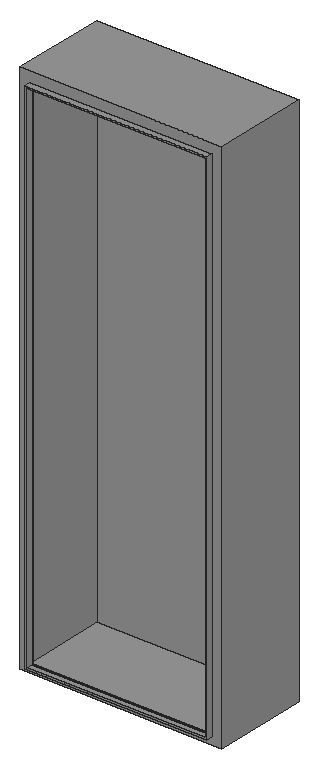
Revit family "Hager-Univers-IP30-D160-1x5rows-Cl.II-FWQ_encl_QS-NoHosted-NL-en", category Equipement électrique, Revit 2020
Family settings
  Configuration du panneau = Deux colonnes, circuits au sein
  Cote de connecteur circulaire = Utiliser le diamètre
  Type d'élément = Tableau de raccordement
  Basée sur le plan de construction = Oui
  Toujours verticalement = Oui
  Couper avec des vides une fois chargée = Non
  Partagée = Non
  Point de calcul de pièce = Non
Parameters (values of type "Surface mounted (plaster) IP30 W300 H800 D160  - FWQ51D1")
  Width Control [instance] = if([EF000008 - Width] > Min Width, [EF000008 - Width], Min Width)  # 300 mm
  Commentaires du type = [HG000003 - Range]  # "Univers"
  Thickness Door [instance] = if([EF009171 - Material plate thickness door/cover] > 3 mm, 3 mm, [EF009171 - Material plate thickness door/cover])  # 2 mm
  Seal Frame Offset [instance] = 17 mm  # constant formula
  Plinth Visibility [instance] = [HG000027 - Plinth height] > 0 mm  # no
  Min Width [instance] = 100 mm  # constant formula
  Min Depth [instance] = (2 * [EF009170 - Material plate thickness cabinet]) + 1 mm  # 5 mm
  Min Height [instance] = 100 mm  # constant formula
  Internal Frame Depth [instance] = (Door System Depth * 0.5)  # 9 mm
  Panel Name [instance] = ""  # (empty or 0)
  Model = ""
  HG000027 - Plinth height = 0 mm
  HG000026 - Floor standing = no
  HG000024 - Bottom section height = 600 mm
  HG000023 - Double section enclosure = no
  HG000016 - Door 3d visibility [instance] = yes
  HG000015 - Clearance visibility [instance] = no
  HG000014 - Door on the right [instance] = yes
  HG000013 - Door on the left [instance] = not([HG000014 - Door on the right])  # no
  HG000012 - Door swing angle [instance] = 30.00°
  HG000010 - Asymmetric doors = no
  HG000009 - Double swing door = no
  HG000006 - Flush mounted = no
  HG000004 - Manufacturer reference = "FWQ51D1"
  HG000003 - Range = "Univers"
  HG000002 - With door or cover = no
  Frame Offset Bottom [instance] = 10 mm  # constant formula
  Frame Offset [instance] = 15 mm  # constant formula
  EF015940 - Cover with overpressure release = no
  EF011959 - Degree of protection (NEMA) = ""
  EF009554 - Number of openings for flange plates = 2
  EF009212 - Cover model = "EV009916 - With notch"
  EF009171 - Material plate thickness door/cover = 2 mm
  EF009170 - Material plate thickness cabinet = 2 mm
  EF008873 - Nominal current (In) = 125 A
  EF007800 - Suitable for lightning protection = no
  EF006306 - With lock = no
  EF006244 - Transparent cover/door = no
  EF005474 - Degree of protection (IP) = "EV006410 - IP30"
  EF004464 - Type of door = "EV002646 - Single"
  EF004427 - Number of modules = 60
  EF004293 - Impact strength = ""
  EF003532 - Suitable for outdoor use = no
  EF002950 - Width in number of modular spacings = 12
  EF001613 - Circuit integrity = "EV000494 - None"
  EF001596 - Material housing = "EV000179 - Steel"
  EF001131 - Internal depth = 160 mm
  EF001088 - Extension possible = yes
  EF000437 - Number of conduit inlets = 4
  EF000339 - Type of cover = "EV001012 - Cover"
  EF000266 - Number of rows = 5
  EF000218 - Built-in depth = 0 mm
  EF000118 - With mounting plate = yes
  EF000116 - RAL-number = "9010"
  EF000049 - Depth = 160 mm
  EF000040 - Height = 800 mm
  EF000008 - Width = 300 mm
  EF000007 - Colour = "EV000202 - White"
  EF000003 - Mounting method = "EV000384 - Surface mounted (plaster)"
  Door System Leaf Tolerance [instance] = 1.5 mm  # constant formula
  Door System Depth [instance] = 18 mm  # constant formula
  Door Height [instance] = Height Control - [HG000027 - Plinth height]  # 800 mm
  Description = ""
  Default Elevation = 1219.2 mm
  Connector Offset [instance] = Height Control / 2  # 400 mm
  Fabricant = "Hager"  # constant formula
  Height Control [instance] = if([EF000040 - Height] > Min Height, [EF000040 - Height], Min Height)  # 800 mm
  Depth Control [instance] = if([EF000049 - Depth] > Min Depth, [EF000049 - Depth], Min Depth)  # 160 mm
  Bottom Top Plate Trim [instance] = 1.5 mm  # constant formula
  Plinth height Ctrl [instance] = if([HG000027 - Plinth height] > 0 mm, [HG000027 - Plinth height], 12 mm)  # 12 mm
Reference planes
  plane 1 "Center (Front/Back)": y = 0
  plane 2: z = 0
  plane 3 "Center (Left/Right)": x = 0
  plane 4: y = 0
  plane 5: y = 0
  plane 6: z = 0
  plane 7: x = -150
  plane 8: x = 150
  plane 9: x = 148
  plane 10: x = -148
  plane 11: z = 0
  plane 12: z = 2
  plane 13: y = -160
  plane 14: y = -2
  plane 15: x = 0
  plane 16: y = -142
  plane 17: y = -158
  plane 18: y = -140
  plane 19: x = -133
  plane 20: x = 133
  plane 21: z = 12
  plane 22: x = -133
  plane 23: x = 133
  plane 24: z = 0
  plane 25: z = 800
  plane 26: z = 800
  plane 27: z = 783
  plane 28: z = 798
Forms (mm)
  Extrusion 1, solid, material "Hager_Steel_RAL7035_Light_Grey", detail levels medium+fine
    sketch origin (-208.679, -4572, 0) x (-1, 0, 0) y (0, -1, 0)
      loop
        line (-58.679, -4430) -> (-358.679, -4430) -> (-358.679, -4572) -> (-58.679, -4572) -> (-58.679, -4430)
    from 0 to 800
  Extrusion 2, void
    sketch origin (-350.771, -160, 1219.2) x (1, 0, 0) y (0, 0, 1)
      loop
        line (202.771, -421.2) -> (202.771, -1217.2) -> (498.771, -1217.2) -> (498.771, -421.2) -> (202.771, -421.2)
    from -20 to -158
  Extrusion 3, void
    sketch origin (-290.084, -142, 1219.2) x (1, 0, 0) y (0, 0, 1)
      loop
        line (157.084, -1207.2) -> (423.084, -1207.2) -> (423.084, -436.2) -> (157.084, -436.2) -> (157.084, -1207.2)
    from 0 to -2
  Extrusion 4, solid, material "Hager_Steel_RAL7035_Light_Grey", visible <- "Plinth Visibility", detail levels medium+fine
    sketch origin (0, 0, 0) x (1, 0, 0) y (0, 1, 0)
      loop
        line (-150, 0) -> (-150, -142) -> (150, -142) -> (150, 0) -> (-150, 0)
    from 0 to 12 <- "Plinth height Ctrl"
  Extrusion 5, solid, material "Hager_Steel_RAL7035_Light_Grey", detail levels coarse
    sketch origin (0, 0, 0) x (1, 0, 0) y (0, 1, 0)
      loop
        line (-150, 0) -> (-150, -160) -> (150, -160) -> (150, 0) -> (-150, 0)
    from 0 to 800 <- "Height Control"
  Sweep 6, void
    path in 3D
      loop
        line (-150, -142, 12) -> (150, -142, 12) -> (150, 0, 12) -> (-150, 0, 12) -> (-150, -142, 12)
    profile origin (-150, -71, 12) x (1, 0, 0) y (0, 0, 1)
      loop
        line (0, 0) -> (0, -1.5) -> (1.5, -1.5)
        arc (1.5, -1.5) -> (1.061, -0.439) -> (0, 0) r 1.5
  Extrusion 7, solid, material "Hager_Steel_RAL7035_Light_Grey", detail levels fine
    sketch origin (-150, -142, 0) x (1, 0, 0) y (0, 0, 1)
      loop
        line (17, 12) -> (283, 12) -> (283, 783) -> (17, 783) -> (17, 12)
      loop
        line (15, 10) -> (285, 10) -> (285, 785) -> (15, 785) -> (15, 10)
    from 0 to 9 <- "Internal Frame Depth"
Cuts and joins
  Extrusion 2, Extrusion 3 cuts Extrusion 1
  Sweep 6 cuts Extrusion 4
Lines and regions (mm)
  Masking region 1
    outline origin (0, 0, 0) x (1, 0, 0) y (0, 1, 0)
      loop
        line (-150, 0) -> (-150, -160) -> (150, -160) -> (150, 0) -> (-150, 0)
  Masking region 2, detail levels coarse
    outline origin (-290.084, -142, 1219.2) x (-1, 0, 0) y (0, 0, 1)
      loop
        line (-440.084, -1219.2) -> (-140.084, -1219.2) -> (-140.084, -419.2) -> (-440.084, -419.2) -> (-440.084, -1219.2)
  Masking region 3, detail levels coarse
    outline origin (0, 0, 0) x (0, 1, 0) y (0, 0, 1)
      loop
        line (0, 0) -> (0, 800) -> (-160, 800) -> (-160, 0) -> (0, 0)
  Masking region 4, visible <- "Plinth Visibility", detail levels medium+fine
    outline origin (0, 0, 0) x (0, 1, 0) y (0, 0, 1)
      loop
        line (-1.5, 12) -> (-140.5, 12)
        arc (-140.5, 12) -> (-140.939, 10.939) -> (-142, 10.5) r 1.5
        line (-142, 10.5) -> (-142, 0) -> (0, 0) -> (0, 10.5)
        arc (0, 10.5) -> (-1.061, 10.939) -> (-1.5, 12) r 1.5
  Masking region 5, detail levels medium+fine
    outline origin (0, 0, 594.038) x (0, 1, 0) y (0, 0, 1)
      loop
        line (0, -594.038) -> (0, 205.962) -> (-142, 205.962) -> (-142, -594.038) -> (0, -594.038)
  Masking region 6, detail levels medium+fine
    outline origin (-359.7, -142, 1211.883) x (-1, 0, 0) y (0, 0, 1)
      loop
        line (-509.7, -1211.883) -> (-209.7, -1211.883) -> (-209.7, -411.883) -> (-509.7, -411.883) -> (-509.7, -1211.883)
  Masking region 7, visible <- "Plinth Visibility", detail levels medium+fine
    outline origin (-320.334, -142, 1041.368) x (-1, 0, 0) y (0, 0, 1)
      loop
        line (-470.334, -1041.368) -> (-170.334, -1041.368) -> (-170.334, -1030.868)
        arc (-170.334, -1030.868) -> (-171.394, -1030.429) -> (-171.834, -1029.368) r 1.5
        line (-171.834, -1029.368) -> (-468.834, -1029.368)
        arc (-468.834, -1029.368) -> (-469.273, -1030.429) -> (-470.334, -1030.868) r 1.5
        line (-470.334, -1030.868) -> (-470.334, -1041.368)
  sketch lines
    curve 1: line (-150, 0, 12) -> (-150, -142, 12)
    curve 2: line (-150, -142, 12) -> (150, -142, 12)
    curve 3: line (150, 0, 12) -> (-150, 0, 12)
    curve 4: line (150, -142, 12) -> (150, 0, 12)
Dimensions and locks
  locked: plane 1 "Center (Front/Back)" to plane 5
  "EF009170 - Material plate thickness cabinet": plane 7 to plane 10
  "EF009170 - Material plate thickness cabinet": plane 8 to plane 9
  equal spacing: plane 7, plane 3 "Center (Left/Right)", plane 8
  "Width Control": plane 7 to plane 8
  "Depth Control": plane 4 to plane 13
  "EF009170 - Material plate thickness cabinet": plane 4 to plane 14
  "Height Control": plane 25 to level
  "HG000027 - Plinth height": plane 11 to level
  "EF009170 - Material plate thickness cabinet": plane 12 to plane 11
  "EF009170 - Material plate thickness cabinet": plane 17 to plane 13
  "EF009170 - Material plate thickness cabinet": plane 18 to plane 16
  "Frame Offset Bottom": plane 21 to plane 12
  "Frame Offset": plane 10 to plane 19
  "Frame Offset": plane 9 to plane 20
  "Door System Depth": plane 16 to plane 13
  "Seal Frame Offset": plane 7 to plane 22
  "Seal Frame Offset": plane 8 to plane 23
  "EF009170 - Material plate thickness cabinet": plane 26 to plane 28
  "Frame Offset": plane 28 to plane 27
  "Connector Offset": plane 2 to connector elem
  "Bottom Top Plate Trim": profile plane to Sweep 6 sketch curve
  "Bottom Top Plate Trim": Sweep 6 sketch curve to Sweep 6 sketch curve
  "Plinth height Ctrl": Masking region 4 sketch curve to level
  "Plinth height Ctrl": Masking region 7 sketch curve to level
  "Thickness Door": Extrusion 7 sketch curve to Extrusion 7 sketch curve  (x4)
  "Bottom Top Plate Trim": radius of Sweep 6 sketch curve
  "Bottom Top Plate Trim": radius of Masking region 4 sketch curve  (x2)
  "Bottom Top Plate Trim": radius of Masking region 7 sketch curve  (x2)
  aligned and locked: plane 12 to Extrusion 2 sketch curve
  aligned and locked: Extrusion 2 sketch curve to plane 9
  aligned and locked: Extrusion 2 sketch curve to plane 10
  aligned and locked: plane 14 to Extrusion 2
  aligned and locked: plane 4 to Extrusion 1 sketch curve
  aligned and locked: plane 8 to Extrusion 1 sketch curve
  aligned and locked: plane 7 to Extrusion 1 sketch curve
  aligned and locked: Extrusion 2 to plane 18
  aligned and locked: Extrusion 3 sketch curve to plane 19
  aligned and locked: plane 20 to Extrusion 3 sketch curve
  aligned and locked: Extrusion 3 to Extrusion 2
  aligned and locked: Extrusion 3 sketch curve to plane 21
  aligned and locked: plane 3 "Center (Left/Right)" to nested 1
  aligned and locked: Extrusion 1 sketch curve to plane 16
  aligned and locked: Extrusion 4 sketch curve to cut or joined group of Extrusion 1, Extrusion 2, Extrusion 3
  aligned and locked: Masking region 1 sketch curve to plane 7
  aligned and locked: Masking region 1 sketch curve to plane 5
  aligned and locked: Masking region 1 sketch curve to plane 8
  aligned and locked: Masking region 2 sketch curve to level
  aligned and locked: level to Masking region 3 sketch curve
  aligned and locked: plane 1 "Center (Front/Back)" to Masking region 3 sketch curve
  aligned and locked: plane 13 to Masking region 3 sketch curve
  aligned and locked: plane 5 to Masking region 4 sketch curve
  aligned and locked: Masking region 2 sketch curve to plane 8
  aligned and locked: Masking region 2 sketch curve to plane 7
  aligned and locked: plane 7 to nested 2
  aligned and locked: nested 2 to plane 5
  aligned and locked: plane 5 to Masking region 5 sketch curve
  aligned and locked: plane 26 to Masking region 5 sketch curve
  aligned and locked: Extrusion 5 sketch curve to plane 8
  aligned and locked: Extrusion 5 sketch curve to plane 7
  aligned and locked: Extrusion 5 sketch curve to plane 5
  aligned and locked: plane 27 to Extrusion 3 sketch curve
  aligned and locked: Extrusion 2 sketch curve to plane 28
  aligned and locked: Masking region 2 to plane 25
  aligned and locked: Extrusion 4 to plane 16
  aligned and locked: profile plane to Sweep 6 sketch curve
  aligned and locked: Masking region 5 sketch curve to plane 24
  aligned and locked: level to Masking region 4 sketch curve
  aligned and locked: Masking region 1 to plane 13
  aligned and locked: nested 1 to plane 16
  aligned and locked: Masking region 3 to plane 25
  aligned and locked: plane 16 to Masking region 4 sketch curve
  aligned and locked: Masking region 5 sketch curve to plane 16
  aligned and locked: plane 24 to plane 11
  aligned and locked: plane 26 to plane 25
  aligned and locked: plane 26 to cut or joined group of Extrusion 1, Extrusion 2, Extrusion 3
  aligned and locked: nested 1 to plane 24
  aligned and locked: Extrusion 1 to Extrusion 3
  aligned and locked: Masking region 6 sketch curve to plane 8
  aligned and locked: plane 24 to Masking region 6 sketch curve
  aligned and locked: Masking region 6 sketch curve to plane 7
  aligned and locked: Masking region 6 sketch curve to plane 26
  aligned and locked: Masking region 7 sketch curve to plane 7
  aligned and locked: level to Masking region 7 sketch curve
  aligned and locked: Masking region 7 sketch curve to plane 8
  aligned and locked: Extrusion 7 sketch curve to cut or joined group of Extrusion 1, Extrusion 2, Extrusion 3  (x4)
Automatic sketch dimensions
  plane 19 to Extrusion 3 sketch curve = 0 mm
  Extrusion 3 sketch curve to plane 20 = 0 mm
  Extrusion 3 sketch curve to plane 21 = 0 mm
  Extrusion 4 sketch curve to plane 7 = 0 mm
  Extrusion 4 sketch curve to plane 8 = 0 mm
  Extrusion 4 sketch curve to plane 16 = 0 mm
  Masking region 1 sketch curve to plane 13 = 0 mm
  Masking region 2 sketch curve to plane 25 = 0 mm
  Masking region 3 sketch curve to plane 25 = 0 mm
  Extrusion 5 sketch curve to plane 13 = 0 mm
  profile plane to Sweep 6 sketch curve = 0 mm
Nested families
  nested 1: "EC000058_Univers_Door" at (0, -142, 0), Double <- "HG000009 - Double swing door", Transparent <- "EF006244 - Transparent cover/door", Angle <- "HG000012 - Door swing angle", Door_Right <- "HG000014 - Door on the right", Assymetrical <- "HG000010 - Asymmetric doors", Door <- "HG000002 - With door or cover", Width_Ctrl <- "Width Control", 3d_Door <- "HG000016 - Door 3d visibility", Clearance <- "HG000015 - Clearance visibility", Door_Left <- "HG000013 - Door on the left", Width <- "Width Control", Door_Depth <- "Door System Depth", Leaf_Tolerance <- "Door System Leaf Tolerance", Height <- "Door Height", Lock_Visibility <- "EF006306 - With lock", Thickness <- "Thickness Door", type "EC000058_Univers_Door", detail levels medium+fine
    with min_wh 5 mm, Width_Ctrl 300 mm, Width 300 mm, Transparent no, Thickness 2 mm, Seal_Material Hager_Rubber, Lock_Visibility no, Lock_Material Hager_Plastic_RAL9005_Jet_Black, Leaf_Width 300 mm, Leaf_Tolerance_External_Sides 0 mm, Leaf_Tolerance 1.5 mm, Leaf_Offset 0 mm, Leaf_Height 797 mm, Leaf_2_Width 300 mm, Leaf_2_Offset 150 mm, Leaf_1_Width 300 mm, Leaf_1_Offset 150 mm, Height_Ctrl 800 mm, Height 800 mm, Glass_Material Hager_Glass, Double_Clearance_Ctrl no, Double no, Door_Right_Ctrl no, Door_Right yes, Door_Material Hager_Steel_RAL7035_Light_Grey, Door_Left_Ctrl no, Door_Left no, Door_Depth 18 mm, Door no, Clearance_Material Hager_Clearance, Clearance_Depth 300 mm, Clearance_Ctrl no, Clearance no, Assymetrical no, Angle 30.00°, 3d_Door yes
  nested 2: "Hager_Enclosure_Symbol" at (-150, 0, 0), Height <- "Depth Control", Width <- "Width Control", type "Hager_Enclosure_Symbol"
    with Width_Ctrl 300 mm, Width 300 mm, Height_Ctrl 160 mm, Height 160 mm, A_Width_Int 10.5 mm, A_Width 126 mm, A_Height_Ctrl 140 mm, A_Height 140 mm
Connectors
  electrical at (0, 0, 400)
    settings: on plane 1 "Center (Front/Back)", index 1, voltage 0 V, apparent load 0 VA, apparent load phase1 0 VA, apparent load phase2 0 VA, apparent load phase3 0 VA, power factor 1, load classification "Other", number of poles 1, system type 30, power factor state 1, is connector primary yes, connector utility no, sub classification motor no, connector description ""
Definition of nested family "EC000058_Univers_Door"
  Parameters (values of type "EC000058_Univers_Door")
    min_wh [instance] = (2 * Thickness) + 1 mm  # 11 mm
    Width_Ctrl [instance] = 400 mm
    Width [instance] = 500 mm
    Transparent [instance] = yes
    Thickness [instance] = 5 mm
    Seal_Material [instance] = none
    Lock_Visibility [instance] = yes
    Lock_Material [instance] = none
    Leaf_Width [instance] = if((Width_Ctrl - 2 * Leaf_Tolerance_External_Sides) > 0 mm, (Width_Ctrl - 2 * Leaf_Tolerance_External_Sides), min_wh)  # 400 mm
    Leaf_Tolerance_External_Sides [instance] = 0 mm  # constant formula
    Leaf_Tolerance [instance] = 1.5 mm
    Leaf_Offset [instance] = 0 mm  # constant formula
    Leaf_Height [instance] = if((Height_Ctrl - 2 * Leaf_Tolerance) > 0 mm, (Height_Ctrl - 2 * Leaf_Tolerance), min_wh)  # 497 mm
    Leaf_2_Width [instance] = if(and(and(Double, Assymetrical), Door_Left), (Leaf_Width / 3) - (Leaf_Tolerance / 2), if(and(and(Double, Assymetrical), Door_Right), (Leaf_Width / 3) * 2 - (Leaf_Tolerance / 2), if(and(Double, not(Assymetrical)), (Leaf_Width / 2) - Leaf_Tolerance, Leaf_Width)))  # 400 mm
    Leaf_2_Offset [instance] = if(and(Double, Assymetrical), Leaf_2_Width / 2, if(and(Double, not(Assymetrical)), Leaf_Width / 4, Leaf_Width / 2))  # 200 mm
    Leaf_1_Width [instance] = if(and(and(Double, Assymetrical), Door_Right), (Leaf_Width / 3) - (Leaf_Tolerance / 2), if(and(and(Double, Assymetrical), Door_Left), (Width / 3) * 2 - (Leaf_Tolerance / 2), if(and(Double, not(Assymetrical)), (Leaf_Width / 2) - Leaf_Tolerance, Leaf_Width)))  # 400 mm
    Leaf_1_Offset [instance] = if(and(Double, Assymetrical), Leaf_1_Width / 2, if(and(Double, not(Assymetrical)), Leaf_Width / 4, Leaf_Width / 2))  # 200 mm
    Height_Ctrl [instance] = if(Height > min_wh, Height, min_wh)  # 500 mm
    Height [instance] = 500 mm
    Glass_Material [instance] = none
    Double_Clearance_Ctrl [instance] = and(Double, Clearance)  # no
    Double [instance] = no
    Door_Right_Ctrl [instance] = and(or(Door_Right, Double), Door)  # yes
    Door_Right [instance] = yes
    Door_Material [instance] = none
    Door_Left_Ctrl [instance] = and(or(Door_Left, Double), Door)  # no
    Door_Left [instance] = no
    Door_Depth [instance] = 30 mm
    Door [instance] = yes
    Default Elevation = 1219.2 mm
    Clearance_Material [instance] = none
    Clearance_Depth [instance] = if(Leaf_1_Width > Leaf_2_Width, Leaf_1_Width, Leaf_2_Width)  # 400 mm
    Clearance_Ctrl [instance] = and(not(Double), Clearance)  # yes
    Clearance [instance] = yes
    Assymetrical [instance] = yes
    Angle [instance] = 30.00°
    3d_Door [instance] = yes
  Reference planes
    plane 1 "Center (Front/Back)": y = 0
    plane 2 "Bottom": z = 0
    plane 3 "Center (Left/Right)": x = 0
    plane 4: z = 500
    plane 5: x = -200
    plane 6: x = 200
    plane 7: z = 500
    plane 8: x = -200
    plane 9: z = 0
    plane 10: x = 200
    plane 11: y = 0
    plane 12: z = 1.5
    plane 13: x = -600
    plane 14: y = -400
    plane 15: x = 600
    plane 16: x = 0
    plane 17: x = 0
    plane 18: x = -200
    plane 19: x = 200
    plane 20: z = 498.5
  Forms (mm)
    Extrusion 1, solid, material <- "Clearance_Material", visible <- "Double_Clearance_Ctrl"
      sketch origin (1200, 0, 0) x (1, 0, 0) y (0, 0, -1)
        loop
          line (-1800, -498.5) -> (-600, -498.5) -> (-600, 0) -> (-1800, 0) -> (-1800, -498.5)
      from 0 to -400
  Dimensions and locks
    equal spacing: plane 5, plane 3 "Center (Left/Right)", plane 6
    "Width_Ctrl": plane 5 to plane 6
    "Leaf_Offset": plane 5 to plane 8
    "Leaf_Offset": plane 6 to plane 10
    "Leaf_Offset": plane 9 to level
    "Leaf_Offset": plane 4 to plane 7
    "Height_Ctrl": plane 4 to level
    "Leaf_Tolerance": plane 12 to plane 9
    locked: plane 11 to plane 1 "Center (Front/Back)"
    "Leaf_1_Offset": plane 18 to plane 16
    "Leaf_2_Offset": plane 17 to plane 19
    "Leaf_1_Width": plane 13 to plane 8
    "Leaf_2_Width": plane 10 to plane 15
    "Clearance_Depth": plane 14 to plane 1 "Center (Front/Back)"
    "Leaf_Tolerance_External_Sides": plane 8 to plane 18
    "Leaf_Tolerance_External_Sides": plane 19 to plane 10
    "Leaf_Tolerance": plane 7 to plane 20
    aligned and locked: level to plane 2 "Bottom"
    aligned and locked: nested 1 to plane 16
    aligned and locked: nested 2 to plane 17
    aligned and locked: Extrusion 1 to plane 13
    aligned and locked: plane 15 to Extrusion 1
    aligned and locked: Extrusion 1 to plane 14
    aligned and locked: plane 12 to nested 1
    aligned and locked: nested 2 to plane 12
    aligned and locked: Extrusion 1 to plane 11
    aligned and locked: plane 20 to Extrusion 1
    aligned and locked: nested 2 to plane 11
    aligned and locked: nested 1 to plane 11
  Automatic sketch dimensions
    Extrusion 1 sketch curve to level = 0 mm
    plane 5 to Extrusion 1 sketch curve = 400 mm
    plane 6 to Extrusion 1 sketch curve = 400 mm
    Extrusion 1 sketch curve to plane 4 = 1.5 mm
  Nested families
    nested 1: "EC000058_Univers_Door_Leaf" at (0, 0, 1.5), Width <- "Leaf_1_Width", visible <- "Door_Left_Ctrl", Leaf_Height <- "Leaf_Height", Angle <- "Angle", 3d_Door <- "3d_Door", Transparent <- "Transparent", Clearance Material <- "Clearance_Material", Clearance <- "Clearance_Ctrl", Door_Material <- "Door_Material", Glass_Material <- "Glass_Material", Door_Depth <- "Door_Depth", Lock_Material <- "Lock_Material", Seal_Material <- "Seal_Material", Lock_Visibility <- "Lock_Visibility", Thickness <- "Thickness", type "EC000058_Univers_Door_Leaf"
      with Width 400 mm, Transparent_Glass_Offset 30 mm, Transparent_Ctrl yes, Transparent yes, Thickness 5 mm, Standard no, Seal_Material none, Seal_D2 8 mm, Seal_D1 1 mm, Offset_Internal_Frame 10 mm, Lock_Width 20 mm, Lock_Visibility_3d yes, Lock_Visibility yes, Lock_Thickness_3 3 mm, Lock_Thickness_2 1 mm, Lock_Thickness_1 3 mm, Lock_Radius_Offset_2 16 mm, Lock_Radius_Offset_1 15 mm, Lock_Radius_2 5 mm, Lock_Radius 6 mm, Lock_Offset 5 mm, Lock_Material none, Lock_Height 80 mm, Lock_Cover_Top_Offset_2d 17 mm, Lock_Cover_Height -65 mm, Leaf_Height 497 mm, Internal_Seal_Thickness 8 mm, Internal_Seal_Depth_2 4.5 mm, Internal_Frame_Depth 25 mm, Glass_Thickness -1 mm, Glass_Offset -2 mm, Glass_Material none, Door_Material none, Door_Depth 30 mm, Clearance Material none, Clearance yes, Angle_Ctrl 30.00°, Angle 30.00°, 3d_Door yes
    nested 2: "EC000058_Univers_Door_Leaf" at (0, 0, 1.5) x (-1, 0, 0) z (0, 0, 1), Width <- "Leaf_2_Width", visible <- "Door_Right_Ctrl", Leaf_Height <- "Leaf_Height", Angle <- "Angle", 3d_Door <- "3d_Door", Transparent <- "Transparent", Clearance Material <- "Clearance_Material", Clearance <- "Clearance_Ctrl", Door_Material <- "Door_Material", Glass_Material <- "Glass_Material", Door_Depth <- "Door_Depth", Lock_Material <- "Lock_Material", Seal_Material <- "Seal_Material", Lock_Visibility <- "Lock_Visibility", Thickness <- "Thickness", type "EC000058_Univers_Door_Leaf"
      with Width 400 mm, Transparent_Glass_Offset 30 mm, Transparent_Ctrl yes, Transparent yes, Thickness 5 mm, Standard no, Seal_Material none, Seal_D2 8 mm, Seal_D1 1 mm, Offset_Internal_Frame 10 mm, Lock_Width 20 mm, Lock_Visibility_3d yes, Lock_Visibility yes, Lock_Thickness_3 3 mm, Lock_Thickness_2 1 mm, Lock_Thickness_1 3 mm, Lock_Radius_Offset_2 16 mm, Lock_Radius_Offset_1 15 mm, Lock_Radius_2 5 mm, Lock_Radius 6 mm, Lock_Offset 5 mm, Lock_Material none, Lock_Height 80 mm, Lock_Cover_Top_Offset_2d 17 mm, Lock_Cover_Height -65 mm, Leaf_Height 497 mm, Internal_Seal_Thickness 8 mm, Internal_Seal_Depth_2 4.5 mm, Internal_Frame_Depth 25 mm, Glass_Thickness -1 mm, Glass_Offset -2 mm, Glass_Material none, Door_Material none, Door_Depth 30 mm, Clearance Material none, Clearance yes, Angle_Ctrl 30.00°, Angle 30.00°, 3d_Door yes
  Definition of nested family "EC000058_Univers_Door_Leaf"
    Parameters (values of type "EC000058_Univers_Door_Leaf")
      Width [instance] = 2000 mm
      Transparent_Glass_Offset [instance] = 30 mm
      Transparent_Ctrl [instance] = and(Transparent, [3d_Door])  # yes
      Transparent [instance] = yes
      Thickness [instance] = 5 mm
      Standard [instance] = and(not(Transparent), [3d_Door])  # no
      Seal_Material [instance] = none
      Seal_D2 [instance] = 8 mm  # constant formula
      Seal_D1 [instance] = 1 mm  # constant formula
      Offset_Internal_Frame [instance] = 10 mm  # constant formula
      Lock_Width [instance] = 20 mm  # constant formula
      Lock_Visibility_3d [instance] = and(Lock_Visibility, [3d_Door])  # yes
      Lock_Visibility [instance] = yes
      Lock_Thickness_3 [instance] = 3 mm  # constant formula
      Lock_Thickness_2 [instance] = 1 mm  # constant formula
      Lock_Thickness_1 [instance] = 3 mm  # constant formula
      Lock_Radius_Offset_2 [instance] = Lock_Radius_Offset_1 + 1 mm  # 16 mm
      Lock_Radius_Offset_1 [instance] = 15 mm  # constant formula
      Lock_Radius_2 [instance] = Lock_Radius - 1 mm  # 5 mm
      Lock_Radius [instance] = 6 mm  # constant formula
      Lock_Offset [instance] = 5 mm  # constant formula
      Lock_Material [instance] = none
      Lock_Height [instance] = 80 mm  # constant formula
      Lock_Cover_Top_Offset_2d [instance] = Lock_Radius_Offset_2 + 1 mm  # 17 mm
      Lock_Cover_Height [instance] = -(Lock_Height - Lock_Radius_Offset_1)  # -65 mm
      Leaf_Height [instance] = 2720.336 mm
      Internal_Seal_Thickness [instance] = 8 mm  # constant formula
      Internal_Seal_Depth_2 [instance] = 4.5 mm  # constant formula
      Internal_Frame_Depth [instance] = if(Door_Depth - Thickness > 5 mm, Door_Depth - Thickness, 5 mm)  # 25 mm
      Glass_Thickness [instance] = if(Thickness > 15 mm, Glass_Offset + 10 mm, -1 mm)  # -1 mm
      Glass_Offset [instance] = if(Thickness > 15 mm, -(Thickness + 10 mm) / 2, -2 mm)  # -2 mm
      Glass_Material [instance] = none
      Door_Material [instance] = none
      Door_Depth [instance] = 30 mm
      Default Elevation = 0 mm
      Clearance Material [instance] = none
      Clearance [instance] = yes
      Angle_Ctrl [instance] = if(Angle > 180.00°, 180.00°, Angle)  # 90.00°
      Angle [instance] = 90.00°
      3d_Door [instance] = yes
    Reference planes
      plane 1 "Center (Front/Back)": y = 0
      plane 2: z = 0
      plane 3 "Center (Left/Right)": x = 0
      plane 4: y = 2000
      plane 5: x = -1000
      plane 6: x = 1000
      plane 7: x = -3000
      plane 8: z = 2720.336
      plane 9: z = 30
      plane 10: z = 2690.336
      plane 11: x = 970
      plane 12: x = -970
      plane 13: y = -3
      plane 14: z = 107.833
      plane 15: y = -5
      plane 16: y = -223.314
      plane 17: x = -1000
      plane 18: z = 1360.168
      plane 19: y = 30
    Forms (mm)
      Extrusion 1, solid, material <- "Clearance Material", visible <- "Clearance"
        sketch origin (0, 0, 0) x (1, 0, 0) y (0, 0, 1)
          loop
            line (-3000, 2720.336) -> (-3000, 0) -> (1000, 0) -> (1000, 2720.336) -> (-3000, 2720.336)
        from 0 to -2000
      Extrusion 2, solid, material <- "Door_Material", visible <- "Standard", detail levels medium+fine
        sketch origin (-1000, 0, 0) x (0, 1, 0) y (-1, 0, 0)
          loop
            line (0, 30) -> (0, 25) -> (2000, 25) -> (2000, 30) -> (0, 30)
        from 0 to 2720.336 <- "Leaf_Height"
      Extrusion 3, solid, material <- "Door_Material", visible <- "Transparent_Ctrl", detail levels medium+fine
        sketch origin (-1000, 0, 0) x (0, 1, 0) y (-1, 0, 0)
          loop
            line (0, 25) -> (2000, 25) -> (2000, 30) -> (0, 30) -> (0, 25)
        from 0 to 2720.336 <- "Leaf_Height"
      Extrusion 4, void
        sketch origin (-1025, 2000, 0) x (0, 1, 0) y (0, 0, -1)
          loop
            line (-30, -2690.336) -> (-30, -30) -> (-1970, -30) -> (-1970, -2690.336) -> (-30, -2690.336)
        from 0 to 5 <- "Thickness"
      Sweep 5, solid, material <- "Seal_Material", visible <- "Transparent_Ctrl", detail levels fine
        path in 3D
          loop
            line (-1025, 30, 30) -> (-1025, 30, 2690.336) -> (-1025, 1970, 2690.336) -> (-1025, 1970, 30) -> (-1025, 30, 30)
        profile origin (-1025, 1000, 30) x (1, 0, 0) y (0, 0, 1)
          loop
            line (0, 0) -> (0, -8) -> (1, -8) -> (1, 0) -> (0, 0)
      Extrusion 6, solid, material <- "Glass_Material", visible <- "Transparent_Ctrl", detail levels medium+fine
        sketch origin (-1030, 0, 0) x (0, 1, 0) y (0, 0, -1)
          loop
            line (1970, -2690.336) -> (1970, -30) -> (30, -30) -> (30, -2690.336) -> (1970, -2690.336)
        from -2 <- "Glass_Offset" to -1 <- "Glass_Thickness"
      Extrusion 7, solid, material <- "Door_Material", visible <- "3d_Door", detail levels medium+fine
        sketch origin (-1025, 2000, 0) x (0, -1, 0) y (0, 0, -1)
          loop
            line (0, -2720.336) -> (2000, -2720.336) -> (2000, 0) -> (0, 0) -> (0, -2720.336)
          loop
            line (1995, -5) -> (5, -5) -> (5, -2715.336) -> (1995, -2715.336) -> (1995, -5)
        from 0 to 25 <- "Internal_Frame_Depth"
      Sweep 8, solid, material <- "Seal_Material", visible <- "Transparent_Ctrl", detail levels fine
        path in 3D
          loop
            line (-1025, 0, 0) -> (-1025, 2000, 0) -> (-1025, 2000, 2720.336) -> (-1025, 0, 2720.336) -> (-1025, 0, 0)
        profile origin (-1025, 0, 1360.168) x (1, 0, 0) y (0, 1, 0)
          loop
            line (0, 10) -> (2.975, 10)
            arc (2.975, 10) -> (4.053, 10.447) -> (4.5, 11.525) r 1.525
            line (4.5, 11.525) -> (4.5, 16.527)
            arc (4.5, 16.527) -> (4.069, 17.569) -> (3.027, 18) r 1.473
            line (3.027, 18) -> (0, 18) -> (0, 10)
      Extrusion 9, solid, material <- "Lock_Material", visible <- "Lock_Visibility_3d", detail levels fine
        sketch origin (-1030, 0, 0) x (0, 1, 0) y (0, 0, -1)
          loop
            arc (1993.5, -1400.168) -> (1994.561, -1399.729) -> (1995, -1398.668) r 1.5
            line (1995, -1398.668) -> (1995, -1320.168) -> (1975, -1320.168) -> (1975, -1398.668)
            arc (1975, -1398.668) -> (1975.439, -1399.729) -> (1976.5, -1400.168) r 1.5
            line (1976.5, -1400.168) -> (1993.5, -1400.168)
        from 3 <- "Lock_Thickness_1" to 0
      Blend 10, solid, material <- "Lock_Material", visible <- "Lock_Visibility_3d", detail levels fine
        base sketch origin (-1033, 0, 0) x (0, 1, 0) y (0, 0, -1)
          loop
            line (1975, -1320.168) -> (1975, -1398.668)
            arc (1975, -1398.668) -> (1975.439, -1399.729) -> (1976.5, -1400.168) r 1.5
            line (1976.5, -1400.168) -> (1993.5, -1400.168)
            arc (1993.5, -1400.168) -> (1994.561, -1399.729) -> (1995, -1398.668) r 1.5
            line (1995, -1398.668) -> (1995, -1320.168) -> (1975, -1320.168)
        top sketch origin (-1033, 0, 0) x (0, 1, 0) y (0, 0, -1)
          loop
            line (1976, -1320.168) -> (1976, -1398.668)
            arc (1976, -1398.668) -> (1976.146, -1399.022) -> (1976.5, -1399.168) r 0.5
            line (1976.5, -1399.168) -> (1993.5, -1399.168)
            arc (1993.5, -1399.168) -> (1993.854, -1399.022) -> (1994, -1398.668) r 0.5
            line (1994, -1398.668) -> (1994, -1320.168) -> (1976, -1320.168)
        from 0 to 1 <- "Lock_Thickness_2"
      Blend 11, solid, material <- "Lock_Material", visible <- "Lock_Visibility_3d", detail levels fine
        base sketch origin (-1034, 0, 0) x (0, 1, 0) y (0, 0, -1)
          loop
            line (1978, -1320.168) -> (1978, -1384.168)
            arc (1978, -1384.168) -> (1985, -1391.168) -> (1992, -1384.168) r 7
            line (1992, -1384.168) -> (1992, -1320.168) -> (1978, -1320.168)
        top sketch origin (-1034, 0, 0) x (0, 1, 0) y (0, 0, -1)
          loop
            line (1991, -1320.168) -> (1979, -1320.168) -> (1979, -1383.168)
            arc (1979, -1383.168) -> (1985, -1389.168) -> (1991, -1383.168) r 6
            line (1991, -1383.168) -> (1991, -1320.168)
        from 0 to 3 <- "Lock_Thickness_3"
      Extrusion 12, solid, material <- "Lock_Material", visible <- "Lock_Visibility_3d", detail levels fine
        sketch origin (-1030, 1975, 1320.168) x (1, 0, 0) y (0, -1, 0)
          loop
            line (-7, -19) -> (-7, -1) -> (0, -1) -> (0, 0) -> (-8, 0) -> (-8, -20) -> (0, -20) -> (0, -19) -> (-7, -19)
        from 0 to -65 <- "Lock_Cover_Height"
      Extrusion 13, void
        sketch origin (-1038, 1995, 1320.168) x (-1, 0, 0) y (0, 0, -1)
          loop
            line (-5, -65) -> (0, -65) -> (-5, -60) -> (-5, -65)
        from 0 to 20 <- "Lock_Width"
      Extrusion 14, void
        sketch origin (-1038, 1975, 1320.168) x (0, -1, 0) y (0, 0, -1)
          loop
            circle (-10, -15.995) r 6
          loop
            circle (-10, -15.995) r 5
        from 0 to 2
      Extrusion 15, solid, material <- "Lock_Material", visible <- "Lock_Visibility_3d", detail levels medium
        sketch origin (-1030, 0, 0) x (0, 1, 0) y (0, 0, -1)
          loop
            arc (1993.5, -1400.168) -> (1994.561, -1399.729) -> (1995, -1398.668) r 1.5
            line (1995, -1398.668) -> (1995, -1320.168) -> (1975, -1320.168) -> (1975, -1398.668)
            arc (1975, -1398.668) -> (1975.439, -1399.729) -> (1976.5, -1400.168) r 1.5
            line (1976.5, -1400.168) -> (1993.5, -1400.168)
        from 8 to 0
    Cuts and joins
      Extrusion 4 cuts Extrusion 3
      Extrusion 13, Extrusion 14 cuts Extrusion 9
      Extrusion 14 cuts Blend 11
      Extrusion 13, Extrusion 14 cuts Extrusion 12
      joined: Extrusion 9, Blend 10, Blend 11, Extrusion 12
      Extrusion 14 cuts Extrusion 15
    Lines and regions (mm)
      Masking region 1, visible <- "Lock_Visibility", detail levels fine
        outline origin (0, 0, 0) x (0, 1, 0) y (0, 0, 1)
          loop
            line (30, 1320.168) -> (33, 1320.168) -> (33, 1400.168) -> (30, 1400.168) -> (30, 1320.168)
      Masking region 2, visible <- "Lock_Visibility", detail levels fine
        outline origin (0, 3.143, 0) x (0, 1, 0) y (0, 0, 1)
          loop
            line (29.857, 1354.168) -> (30.857, 1354.168) -> (30.857, 1366.168) -> (29.857, 1366.168) -> (29.857, 1354.168)
      Masking region 3, detail levels medium+fine
        outline origin (0, 0, 0) x (0, 1, 0) y (0, 0, 1)
          loop
            line (0, 0) -> (30, 0) -> (30, 2720.336) -> (0, 2720.336) -> (0, 0)
      Masking region 4, detail levels medium+fine
        outline origin (0, 0, 0) x (1, 0, 0) y (0, 0, 1)
          loop
            line (-1000, 2720.336) -> (-1000, 0) -> (1000, 0) -> (1000, 2720.336) -> (-1000, 2720.336)
      Masking region 5, visible <- "Lock_Visibility", detail levels fine
        outline origin (-47.116, 0, 0) x (1, 0, 0) y (0, 0, 1)
          loop
            arc (1024.616, 1399.168) -> (1023.556, 1398.729) -> (1023.116, 1397.668) r 1.5
            line (1023.116, 1397.668) -> (1023.116, 1320.168) -> (1041.116, 1320.168) -> (1041.116, 1397.668)
            arc (1041.116, 1397.668) -> (1040.677, 1398.729) -> (1039.616, 1399.168) r 1.5
            line (1039.616, 1399.168) -> (1024.616, 1399.168)
      Masking region 6, visible <- "Lock_Visibility", detail levels medium+fine
        outline origin (-25, 0, 0) x (1, 0, 0) y (0, 0, 1)
          loop
            arc (1001.5, 1400.168) -> (1000.439, 1399.729) -> (1000, 1398.668) r 1.5
            line (1000, 1398.668) -> (1000, 1320.168) -> (1020, 1320.168) -> (1020, 1398.668)
            arc (1020, 1398.668) -> (1019.561, 1399.729) -> (1018.5, 1400.168) r 1.5
            line (1018.5, 1400.168) -> (1001.5, 1400.168)
      Masking region 7, visible <- "Lock_Visibility", detail levels fine
        outline origin (-73.735, 0, 0) x (1, 0, 0) y (0, 0, 1)
          loop
            line (1051.735, 1382.168) -> (1065.735, 1382.168) -> (1065.735, 1384.168)
            arc (1065.735, 1384.168) -> (1058.735, 1391.168) -> (1051.735, 1384.168) r 7
            line (1051.735, 1384.168) -> (1051.735, 1382.168)
      Masking region 8, visible <- "Lock_Visibility", detail levels fine
        outline origin (-73.735, 0, 0) x (1, 0, 0) y (0, 0, 1)
          loop
            line (1052.735, 1382.168) -> (1064.735, 1382.168) -> (1064.735, 1383.168)
            arc (1064.735, 1383.168) -> (1058.735, 1389.168) -> (1052.735, 1383.168) r 6
            line (1052.735, 1383.168) -> (1052.735, 1382.168)
      Masking region 9, visible <- "Lock_Visibility", detail levels fine
        outline origin (-25, 0, 0) x (1, 0, 0) y (0, 0, 1)
          loop
            line (1020, 1320.168) -> (1020, 1382.168) -> (1000, 1382.168) -> (1000, 1320.168) -> (1020, 1320.168)
      Masking region 10, detail levels medium+fine
        outline origin (0, 0, 0) x (1, 0, 0) y (0, 0, 1)
          loop
            circle (985, 1335.144) r 6
      Masking region 11, detail levels fine
        outline origin (0, 0, 0) x (1, 0, 0) y (0, 0, 1)
          loop
            circle (985, 1335.144) r 5
      Masking region 12, visible <- "Lock_Visibility", detail levels fine
        outline origin (0, 12.767, 0) x (0, 1, 0) y (0, 0, 1)
          loop
            line (20.233, 1320.168) -> (21.233, 1320.168) -> (21.233, 1399.168) -> (20.233, 1400.168) -> (20.233, 1320.168)
      Masking region 13, visible <- "Lock_Visibility", detail levels fine
        outline origin (0, 13.767, -10) x (0, 1, 0) y (0, 0, 1)
          loop
            line (20.233, 1330.168) -> (23.233, 1330.168) -> (23.233, 1399.168) -> (20.233, 1402.168) -> (20.233, 1330.168)
      Masking region 14, visible <- "Lock_Visibility", detail levels fine
        outline origin (0, 12.767, -10) x (0, 1, 0) y (0, 0, 1)
          loop
            line (20.233, 1330.168) -> (25.233, 1330.168) -> (25.233, 1399.305) -> (20.233, 1394.305) -> (20.233, 1330.168)
      Masking region 15, visible <- "Lock_Visibility", detail levels medium
        outline origin (0, 0, 0) x (0, 1, 0) y (0, 0, 1)
          loop
            line (30, 1320.168) -> (38, 1320.168) -> (38, 1400.168) -> (30, 1400.168) -> (30, 1320.168)
      Masking region 16, visible <- "Lock_Visibility", detail levels fine
        outline origin (-1000, 0, 0) x (0, 1, 0) y (-1, 0, 0)
          loop
            line (1975, 30) -> (1995, 30) -> (1995, 38) -> (1975, 38) -> (1975, 30)
          loop
            line (1979, 37) -> (1976, 37) -> (1976, 34) -> (1978, 34) -> (1979, 37)
          loop
            line (1994, 37) -> (1991, 37) -> (1992, 34) -> (1994, 34) -> (1994, 37)
      Masking region 17, visible <- "Lock_Visibility", detail levels medium
        outline origin (-1000, 0, 0) x (0, 1, 0) y (-1, 0, 0)
          loop
            line (1975, 30) -> (1995, 30) -> (1995, 38) -> (1975, 38) -> (1975, 30)
      symbolic lines
        curve 1: line (1000, 0, 0) -> (-3000, 0, 0)
        curve 2: arc (1000, 0, 0) -> (-1000, 2000, 0) -> (-3000, 0, 0) r 2000
        curve 4: line (-1030, 0, 0) -> (-1030, 2000, 0)
      reference lines
        curve 3: line (-1000, 0, 0) -> (-1000, 2000, 0)
      symbolic lines, detail levels medium+fine
        curve 5: line (-1030, 2000, 0) -> (-1025, 2000, 0)
        curve 7: line (-1025, 0, 0) -> (-1030, 0, 0)
        curve 8: line (-1025, 0, 0) -> (-1000, 0, 0)
        curve 9: line (-1000, 0, 0) -> (-1000, 2000, 0)
        curve 10: line (-1000, 2000, 0) -> (-1025, 2000, 0)
      symbolic lines, detail levels fine
        curve 6: line (-1025, 2000, 0) -> (-1025, 0, 0)
      sketch lines
        curve 11: line (-1025, 0, 2720.336) -> (-1025, 0, 0)
        curve 12: line (-1025, 2000, 0) -> (-1025, 0, 0)
        curve 13: line (-1025, 2000, 2720.336) -> (-1025, 2000, 0)
        curve 14: line (-1025, 0, 2720.336) -> (-1025, 2000, 2720.336)
        curve 15: line (-1025, 1970, 30) -> (-1025, 30, 30)
        curve 16: line (-1025, 30, 30) -> (-1025, 30, 2690.336)
        curve 17: line (-1025, 1970, 2690.336) -> (-1025, 1970, 30)
        curve 18: line (-1025, 30, 2690.336) -> (-1025, 1970, 2690.336)
      symbolic lines, visible <- "Transparent", detail levels medium+fine
        curve 19: line (-970, 0, 2690.336) -> (970, 0, 2690.336)
        curve 20: line (-970, 0, 30) -> (-970, 0, 2690.336)
        curve 21: line (970, 0, 30) -> (-970, 0, 30)
        curve 22: line (970, 0, 2690.336) -> (970, 0, 30)
    Dimensions and locks
      "Width": plane 1 "Center (Front/Back)" to plane 4
      equal spacing: plane 5, plane 3 "Center (Left/Right)", plane 6
      "Width": plane 5 to plane 6
      "Width": plane 7 to plane 5
      "Leaf_Height": plane 8 to level
      "Width": curve 5 to curve 3
      "Width": curve 3 to curve 3
      plane 8 to plane 10 = 30 mm
      plane 9 to level = 30 mm
      plane 12 to plane 5 = 30 mm
      plane 6 to plane 11 = 30 mm
      Extrusion 1 to Extrusion 4 sketch curve = 30 mm
      "Transparent_Glass_Offset": curve 3 to Extrusion 4 sketch curve
      "Transparent_Glass_Offset": Extrusion 4 sketch curve to cut or joined group of Extrusion 3, Extrusion 4  (x2)
      cut or joined group of Extrusion 3, Extrusion 4 to Extrusion 6 sketch curve = 30 mm
      "Transparent_Glass_Offset": cut or joined group of Extrusion 3, Extrusion 4 to Extrusion 4 sketch curve
      "Thickness": curve 6 to curve 4
      "Thickness": Extrusion 7 sketch curve to Extrusion 7 sketch curve  (x4)
      "Door_Depth": curve 4 to curve 3
      "Offset_Internal_Frame": profile plane to Sweep 8 sketch curve
      "Internal_Seal_Thickness": Sweep 8 sketch curve to Sweep 8 sketch curve
      "Internal_Seal_Depth_2": profile plane to Sweep 8 sketch curve
      "Seal_D1": profile plane to Sweep 5 sketch curve
      "Seal_D2": profile plane to Sweep 5 sketch curve
      "Thickness": Extrusion 2 sketch curve to Extrusion 2 sketch curve
      equal spacing: Extrusion 9 sketch curve, plane 18, Extrusion 9 sketch curve  (x2)
      equal spacing: Masking region 1 sketch curve, plane 18, Masking region 1 sketch curve
      "Lock_Height": Masking region 1 sketch curve to Masking region 1 sketch curve
      "Lock_Radius": Masking region 2 sketch curve to plane 18 to Masking region 2 sketch curve
      Masking region 2 sketch curve to Masking region 1 = 1 mm
      "Door_Depth": plane 19 to plane 1 "Center (Front/Back)"
      "Lock_Thickness_1": Masking region 1 sketch curve to plane 19
      "Lock_Width": Extrusion 9 sketch curve to Extrusion 9 sketch curve
      "Lock_Height": Extrusion 9 sketch curve to Extrusion 9 sketch curve
      "Lock_Offset": cut or joined group of Extrusion 3, Extrusion 4 to Extrusion 9 sketch curve
      equal spacing: plane 8, plane 18, level
      "Lock_Radius_Offset_1": Blend 11 sketch curve to Blend 10
      locked: Blend 10 to Blend 11 sketch curve at 2  (x2)
      locked: var sketch to Blend 11 sketch curve at 1  (x2)
      "Lock_Radius_Offset_2": Blend 11 sketch curve to Blend 10
      locked: Extrusion 12 sketch curve to Extrusion 12 sketch curve at 1  (x3)
      Masking region 6 sketch curve to Masking region 6 sketch curve = 80 mm
      "Lock_Height": Masking region 6 sketch curve to Masking region 6 sketch curve
      "Lock_Width": Masking region 6 sketch curve to Masking region 6 sketch curve
      locked: Masking region 6 to Masking region 5 sketch curve at 1  (x3)
      locked: Masking region 5 to Masking region 7 sketch curve at 2  (x2)
      "Lock_Radius_Offset_1": Masking region 5 to Masking region 7 sketch curve
      "Lock_Radius_Offset_2": Masking region 5 to Masking region 8 sketch curve
      locked: Masking region 7 to Masking region 8 sketch curve at 1  (x2)
      "Lock_Cover_Top_Offset_2d": Masking region 5 to Masking region 9 sketch curve
      equal spacing: Masking region 9, Masking region 10 sketch curve, Masking region 9
      equal spacing: Masking region 9, Masking region 11 sketch curve, Masking region 9
      Extrusion 15 sketch curve to Extrusion 15 sketch curve = 80 mm
      "Lock_Width": Extrusion 15 sketch curve to Extrusion 15 sketch curve
      "Lock_Height": Extrusion 15 sketch curve to Extrusion 15 sketch curve
      equal spacing: Extrusion 15 sketch curve, plane 18, Extrusion 15 sketch curve
      "Lock_Thickness_3": Masking region 13 sketch curve to Masking region 13 sketch curve
      "Lock_Height": Masking region 12 sketch curve to Masking region 12 sketch curve
      locked: Masking region 13 sketch curve to Masking region 1 at 8
      locked: Masking region 14 sketch curve to Masking region 13 at 1
      locked: Masking region 14 sketch curve to Masking region 1 at 10.863
      "Lock_Height": Masking region 15 sketch curve to Masking region 15 sketch curve
      "Lock_Offset": Extrusion 15 sketch curve to cut or joined group of Extrusion 3, Extrusion 4
      "Lock_Offset": plane 6 to Masking region 6 sketch curve
      radius of Sweep 8 sketch curve = 1.525 mm
      radius of Sweep 8 sketch curve = 1.473 mm
      radius of Extrusion 9 sketch curve = 1.5 mm  (x2)
      "Lock_Radius": radius of Extrusion 14 sketch curve
      "Lock_Radius_2": radius of Extrusion 14 sketch curve
      "Lock_Radius": radius of Masking region 10 sketch curve
      "Lock_Radius_2": radius of Masking region 11 sketch curve
      radius of Extrusion 15 sketch curve = 1.5 mm  (x2)
      "Angle_Ctrl": angle plane 1 "Center (Front/Back)" to curve 3
      locked: Masking region 12 sketch curve to Masking region 12 sketch curve (angle 45.00°)
      locked: Masking region 13 sketch curve to Masking region 13 sketch curve (angle 45.00°)
      locked: Masking region 14 sketch curve to Masking region 14 sketch curve (angle 45.00°)
      aligned and locked: level to plane 2
      aligned and locked: Extrusion 1 to curve 1
      aligned and locked: plane 6 to Extrusion 1
      aligned and locked: Extrusion 1 to plane 1 "Center (Front/Back)"
      aligned and locked: plane 4 to Extrusion 1
      aligned and locked: plane 8 to Extrusion 1
      aligned and locked: curve 7 to Extrusion 2 sketch curve
      aligned and locked: curve 5 to Extrusion 2 sketch curve
      aligned and locked: curve 7 to Extrusion 3 sketch curve
      aligned and locked: Extrusion 3 sketch curve to curve 4
      aligned and locked: Extrusion 3 sketch curve to curve 6
      aligned and locked: Extrusion 3 sketch curve to curve 5
      aligned and locked: curve 9 to curve 3
      aligned and locked: Extrusion 7 sketch curve to cut or joined group of Extrusion 3, Extrusion 4  (x4)
      aligned and locked: plane 17 to curve 3
      aligned and locked: plane 1 "Center (Front/Back)" to curve 3
      aligned and locked: plane 17 to plane 5
      aligned and locked: Sweep 8 sketch curve to profile plane
      aligned and locked: Sweep 5 sketch curve to profile plane  (x2)
      aligned and locked: Masking region 1 to Masking region 2 sketch curve
      aligned and locked: plane 19 to Masking region 1 sketch curve
      aligned and locked: plane 1 "Center (Front/Back)" to Masking region 3 sketch curve
      aligned and locked: plane 19 to Masking region 3 sketch curve
      aligned and locked: level to Masking region 3 sketch curve
      aligned and locked: Masking region 3 sketch curve to plane 8
      aligned and locked: plane 17 to Masking region 4 sketch curve
      aligned and locked: level to Masking region 4 sketch curve
      aligned and locked: Masking region 4 sketch curve to plane 8
      aligned and locked: plane 12 to curve 20
      aligned and locked: plane 10 to curve 19
      aligned and locked: plane 11 to curve 22
      aligned and locked: curve 21 to plane 9
      aligned and locked: Extrusion 2 sketch curve to cut or joined group of Extrusion 3, Extrusion 4
      aligned and locked: Blend 10 sketch curve to Extrusion 9  (x4)
      aligned and locked: Extrusion 9 to Blend 10 sketch curve
      aligned and locked: Blend 10 to Blend 11 sketch curve
      aligned and locked: Extrusion 12 sketch curve to Blend 11
      aligned and locked: Extrusion 12 sketch curve to Extrusion 9  (x4)
      aligned and locked: Masking region 5 sketch curve to Masking region 6
      aligned and locked: Masking region 9 sketch curve to Masking region 6  (x3)
      aligned and locked: Masking region 12 sketch curve to Masking region 1
      aligned and locked: Masking region 13 sketch curve to Masking region 1
      aligned and locked: Masking region 12 to Masking region 14
      aligned and locked: Masking region 14 sketch curve to Masking region 1
      aligned and locked: Masking region 15 sketch curve to Masking region 14
      aligned and locked: Masking region 13 sketch curve to Masking region 12
      aligned and locked: Masking region 16 sketch curve to cut or joined group of Extrusion 14, Extrusion 15  (x4)
      aligned and locked: Masking region 16 sketch curve to cut or joined group of Extrusion 9, Blend 10, Blend 11, Extrusion 12, Extrusion 13, Extrusion 14  (x6)
      aligned and locked: cut or joined group of Extrusion 9, Blend 10, Blend 11, Extrusion 12, Extrusion 13, Extrusion 14 to Masking region 16 sketch curve
      aligned and locked: Masking region 17 sketch curve to cut or joined group of Extrusion 14, Extrusion 15  (x3)
      aligned and locked: Masking region 17 sketch curve to cut or joined group of Extrusion 9, Blend 10, Blend 11, Extrusion 12, Extrusion 13, Extrusion 14
      aligned and locked: Masking region 9 to Masking region 8 sketch curve
      aligned and locked: Masking region 9 to Masking region 7 sketch curve
    Automatic sketch dimensions
      plane 1 "Center (Front/Back)" to curve 2 = 0 mm
      curve 2 to plane 5 = 0 mm
      Extrusion 1 sketch curve to level = 0 mm
      Extrusion 1 sketch curve to plane 7 = 0 mm
      Extrusion 1 sketch curve to plane 6 = 0 mm
      Extrusion 1 sketch curve to plane 8 = 0 mm
      Extrusion 3 to Extrusion 6 sketch curve = 30 mm  (x4)
      Masking region 4 sketch curve to plane 6 = 0 mm
      Blend 10 sketch curve to Extrusion 9 = 1.5 mm
      Blend 10 sketch curve to Extrusion 9 = 1 mm
      Extrusion 13 sketch curve to Extrusion 12 = 0 mm  (x2)
      Extrusion 12 to Extrusion 13 sketch curve = 3 mm
      Extrusion 13 sketch curve to Extrusion 12 = 5 mm
      Extrusion 14 sketch curve to Extrusion 14 sketch curve = 0 mm  (x2)
      Extrusion 14 sketch curve to Extrusion 12 = 10 mm
      Extrusion 14 sketch curve to Extrusion 12 = 15.995 mm
      Masking region 5 sketch curve to Masking region 5 sketch curve = 1.5 mm  (x2)
      Masking region 10 sketch curve to plane 18 = 25.024 mm
      Masking region 11 sketch curve to plane 18 = 25.024 mm
      plane 19 to Masking region 14 sketch curve = 3 mm
      Masking region 16 sketch curve to Masking region 16 sketch curve = 3 mm
      curve 4 to curve 3 = 0 mm
      Blend 10 to Blend 11 sketch curve = 0 mm
      Masking region 6 sketch curve to Masking region 6 sketch curve = 1.5 mm  (x2)
      Masking region 6 sketch curve to plane 18 = 40 mm
      plane 19 to Masking region 12 sketch curve = 3 mm
      Masking region 12 sketch curve to Masking region 12 sketch curve = 1 mm
      Masking region 15 sketch curve to plane 19 = 0 mm
      Masking region 15 sketch curve to plane 18 = 40 mm
      radius of Blend 10 sketch curve to Extrusion 9 = 1 mm
Definition of nested family "Hager_Enclosure_Symbol"
  Parameters (values of type "Hager_Enclosure_Symbol")
    Width_Ctrl [instance] = if(Width > 1 mm, Width, 1 mm)  # 102.27 mm
    Width [instance] = 102.27 mm
    Height_Ctrl [instance] = if(Height > 1 mm, Height, 1 mm)  # 66.5 mm
    A_Width_Int [instance] = if(A_Width / 12 > 2 mm, A_Width / 12, 2 mm)  # 4.364 mm
    A_Width [instance] = if(A_Height_Ctrl * 0.9 > 2 mm, A_Height_Ctrl * 0.9, 2 mm)  # 52.369 mm
    A_Height_Ctrl [instance] = if(A_Height > 2 mm, A_Height, 2 mm)  # 58.188 mm
    Height [instance] = 66.5 mm
    A_Height [instance] = Height - (Height / 8)  # 58.188 mm
  Reference planes
    plane 1 "Centre (avant/arrière)": y = 0
    plane 2: z = 0
    plane 3 "Centre (gauche/droite)": x = 0
    plane 4: x = 52.369
    plane 5: y = 33.042
    plane 6: y = 41.77
    plane 7: y = 66.5
    plane 8: x = 26.184
    plane 9: y = 37.406
    plane 10: x = 102.27
    plane 11: y = 66.5
    plane 12: y = 8.313
  Lines and regions (mm)
    Filled region 1, type "Solid_Black", in view "Niveau de réf."
      outline origin (0, 0, 0) x (1, 0, 0) y (0, 1, 0)
        loop
          line (52.369, 66.5) -> (33.188, 54.536) -> (45.365, 45.006) -> (52.369, 66.5)
    Filled region 2, type "Solid_Black", in view "Niveau de réf."
      outline origin (0, 0, 0) x (1, 0, 0) y (0, 1, 0)
        loop
          line (0, 0) -> (102.27, 0) -> (102.27, 66.5) -> (0, 0)
    detail lines, in view "Niveau de réf."
      curve 1: line (0, 8.313, 0) -> (26.184, 41.77, 0)
      curve 2: line (26.184, 41.77, 0) -> (26.184, 33.042, 0)
      curve 3: line (26.184, 33.042, 0) -> (52.369, 66.5, 0)
  Dimensions and locks
    "A_Width": plane 3 "Centre (gauche/droite)" to plane 4
    equal spacing: plane 3 "Centre (gauche/droite)", plane 8, plane 4
    equal spacing: plane 6, plane 9, plane 5
    equal spacing: curve 3, Filled region 1 sketch curve, Filled region 1 sketch curve
    "Height_Ctrl": plane 1 "Centre (avant/arrière)" to plane 11
    "A_Height_Ctrl": plane 11 to plane 12
    equal spacing: plane 11, plane 9, plane 12
    "A_Width_Int": plane 6 to plane 9
    "Width_Ctrl": plane 3 "Centre (gauche/droite)" to plane 10
    angle Filled region 1 sketch curve to curve 3 = 20.00°
    angle curve 3 to Filled region 1 sketch curve = 20.00°
    locked: curve 3 to Filled region 1 sketch curve (angle 90.00°)
    aligned and locked: plane 10 to Filled region 2
    aligned and locked: plane 11 to Filled region 2 sketch curve
    aligned and locked: plane 10 to Filled region 2 sketch curve
    aligned and locked: plane 3 "Centre (gauche/droite)" to curve 1
    aligned and locked: plane 12 to curve 1
    aligned and locked: plane 7 to plane 11
  Automatic sketch dimensions
    Filled region 1 sketch curve to plane 4 = 0 mm
    Filled region 1 sketch curve to plane 7 = 0 mm
    plane 1 "Centre (avant/arrière)" to Filled region 2 sketch curve = 0 mm
    Filled region 2 sketch curve to plane 3 "Centre (gauche/droite)" = 0 mm
    curve 2 to plane 6 = 0 mm
    curve 2 to plane 8 = 0 mm
    curve 3 to plane 4 = 0 mm
    curve 2 to plane 5 = 0 mm
    curve 3 to plane 7 = 0 mm
